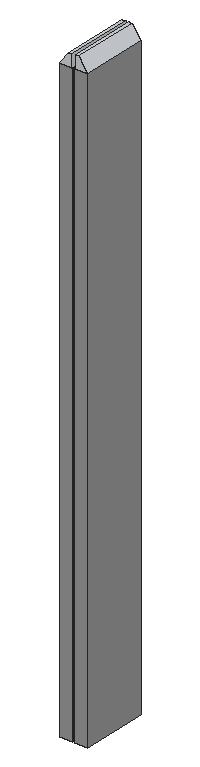
Revit family "Lighting-ArredoUrbano-GEWISS-EXTRO-COLONNA_SINGOLA", category Apparecchi per illuminazione, Revit 2019
Family settings
  Quota connettore circolare = Usa diametro
  Tipo di parte = Normale
  Numero OmniClass = 23.80.00.00
  Titolo OmniClass = Electric Power and Lighting
  Basato su piano di lavoro = Sì
  Sempre verticale = Sì
  Taglio con vuoti quando caricato = No
  Sorgente d'illuminazione = No
  Condiviso = No
  Punto di calcolo locali = Sì
Parameters (values of type "GW82292 - COLONNA EXTRO SING.H.1300 G.GRAF.")
  Versione file RFA = "20.11"
  URL = "https://www.gewiss.com/it/it"
  Tappo colonna = none
  Scheda Tecnica = "https://www.gewiss.com/it/it/search?q=GW82292"
  SIMBOLO [instance] = yes
  SEO = "Colonna"
  Default Elevation = 1219.2 mm
  Produttore = "GEWISS S.p.A."
  Modello = "GW82292"
  Materiale = "Alluminio estruso"
  Lunghezza colonna = 140 mm
  Larghezza colonna = 60 mm
  Interramento consigliato = "250MM"
  Interramento (m) = "0.25"
  Immagine tipo = GW82259.jpg
  IDT = "edb79119-9e68-4dab-b5a6-da154a75fe80"
  IDF = "5ea1d29d-4a77-4272-a550-a0c299649d89"
  Descrizione = "COLONNA EXTRO SINGOLA H.1300 GRIGIO"
  Creato da GEWISS S.p.A. = ""
  Colore = "Grigio grafite"
  Colonna = GEWISS - Grigio Graffite
  Codice Electrocod = "240"
  Codice EAN = "8011564210387"
  Catalogo Serie = "EXTRO"
  Catalogo = "LIGHTING"
  COBie.Tagnumber = ""
  COBie.CreatedOn = ""
  COBie.CreatebBy = ""
  COBie.ComponentRegisterItemID = ""
  COBie.Component.TagNumber = ""
  COBie.Component.Space = ""
  COBie.Component.SerialNumber = ""
  COBie.Component.InstallationDate = ""
  COBie.Component.Description = ""
  COBie.Component.BarCode = ""
  BIDIMENSIONALE [instance] = not(SIMBOLO)  # no
  Altezza colonna = 1300 mm
  Altezza (mm) = "1300"
Reference planes
  plane 1 "Centro (Fronte/Retro)": y = 0
  plane 2: z = 0
  plane 3 "Centro (Sinistra/Destra)": x = 0
  plane 4: x = -30
  plane 5: x = 30
  plane 6: y = 70
  plane 7: y = -70
  plane 8: z = 1300
  plane 9: x = -3
  plane 10: x = 3
  plane 11: z = 1273.462
  plane 12: y = 68
  plane 13: y = -68
Forms (mm)
  Extrusion 1, solid, material "GEWISS - Grigio Graffite" <- "Colonna"
    sketch origin (17.891, 0, 0) x (1, 0, 0) y (0, 1, 0)
      loop
        line (-47.891, 70) -> (-47.891, -70) -> (-20.891, -70) -> (-20.891, 70) -> (-47.891, 70)
      loop
        line (-14.891, -70) -> (12.109, -70) -> (12.109, 70) -> (-14.891, 70) -> (-14.891, -70)
    from 0 to 1273.462
  Extrusion 2, solid, material <- "Tappo colonna"
    sketch origin (17.903, 0, 836.675) x (1, 0, 0) y (0, 0, 1)
      loop
        line (-27.823, 463.325) -> (-47.903, 436.786) -> (-21.134, 436.786) -> (-21.134, 463.325) -> (-27.823, 463.325)
      loop
        line (-14.432, 463.325) -> (-14.432, 436.786) -> (12.106, 436.786) -> (-7.743, 463.325) -> (-14.432, 463.325)
    from -70 to 70
  Extrusion 3, solid, not visible
    sketch origin (0, 0, 0) x (1, 0, 0) y (0, 0, 1)
      loop
        line (-9.932, 463.325) -> (-30.012, 436.786) -> (-3.243, 436.786) -> (-3.243, 463.325) -> (-9.932, 463.325)
      loop
        line (3.459, 463.325) -> (3.459, 436.786) -> (29.997, 436.786) -> (10.148, 463.325) -> (3.459, 463.325)
    from -99.387 to 99.387
  Extrusion 4, solid
    sketch origin (0, 0, 0) x (1, 0, 0) y (0, 1, 0)
      loop
        line (-3, 68) -> (-3, -68) -> (3, -68) -> (3, 68) -> (-3, 68)
    from 0 to 1273.462
Lines and regions (mm)
  Masking region 1, visible <- "BIDIMENSIONALE"
    outline origin (0, 0, 0) x (1, 0, 0) y (0, 1, 0)
      loop
        line (-30, 70) -> (-30, -70) -> (30.009, -70) -> (30.009, 70) -> (-30, 70)
  Masking region 2
    outline origin (0, 0, 0) x (1, 0, 0) y (0, 0, 1)
      loop
        line (-9.92, 1300) -> (-30, 1273.462) -> (-30, 0) -> (30, 0) -> (30, 1273.474) -> (10.16, 1300) -> (3.471, 1300) -> (3.471, 1273.462) -> (-3.231, 1273.462) -> (-3.231, 1300) -> (-9.92, 1300)
  Masking region 3
    outline origin (0, 0, 0) x (0, 1, 0) y (0, 0, 1)
      loop
        line (-70, 0) -> (70, 0) -> (70, 1300) -> (-70, 1300) -> (-70, 0)
  symbolic lines, visible <- "BIDIMENSIONALE"
    curve 1: line (-30, 70, 0) -> (30.009, 70, 0)
    curve 2: line (-30, -70, 0) -> (-30, 70, 0)
    curve 3: line (30.009, -70, 0) -> (-30, -70, 0)
    curve 4: line (30.009, 70, 0) -> (30.009, -70, 0)
    curve 5: line (-9.92, 70, 0) -> (-9.92, -70, 0)
    curve 6: line (10.16, -70, 0) -> (10.16, 70, 0)
    curve 7: line (3, 70, 0) -> (3, -70, 0)
    curve 8: line (-3, 70, 0) -> (-3, -70, 0)
  symbolic lines
    curve 9: line (-3, 0, 0) -> (-3, 0, 1273.462)
    curve 10: line (3, 0, 1273.462) -> (3, 0, 0)
    curve 11: line (0, -68, 0) -> (0, 70, 0)
    curve 12: line (0, -68, 1273.462) -> (0, -68, 0)
    curve 13: line (0, 70, 1273.462) -> (0, -68, 1273.462)
    curve 14: line (0, -68, 1273.462) -> (0, 70, 1273.462)
Dimensions and locks
  equal spacing: plane 4, plane 3 "Centro (Sinistra/Destra)", plane 5
  equal spacing: plane 6, plane 1 "Centro (Fronte/Retro)", plane 7
  "Larghezza colonna": plane 4 to plane 5
  "Lunghezza colonna": plane 6 to plane 7
  "Altezza colonna": plane 8 to level
  locked: plane 8 to plane 11 at 26.538
  locked: plane 13 to plane 7 at 2
  plane 6 to plane 12 = 2 mm
  aligned and locked: level to plane 2
  aligned and locked: Extrusion 1 sketch curve to plane 6
  aligned and locked: plane 4 to Extrusion 1 sketch curve
  aligned and locked: plane 7 to Extrusion 1 sketch curve
  aligned and locked: Extrusion 1 sketch curve to plane 9
  aligned and locked: Extrusion 1 sketch curve to plane 7
  aligned and locked: Extrusion 1 sketch curve to plane 10
  aligned and locked: plane 6 to Extrusion 1 sketch curve
  aligned and locked: plane 5 to Extrusion 1 sketch curve
  aligned and locked: plane 6 to Extrusion 2
  aligned and locked: Extrusion 2 to plane 7
  aligned and locked: plane 8 to Extrusion 2  (x2)
  aligned and locked: plane 11 to Extrusion 2  (x2)
  aligned and locked: Extrusion 1 to plane 11
  aligned and locked: plane 5 to Extrusion 1
  aligned and locked: plane 4 to Extrusion 1
  aligned and locked: Extrusion 4 sketch curve to plane 10
  aligned and locked: plane 9 to Extrusion 4 sketch curve
  aligned and locked: plane 13 to Extrusion 4 sketch curve
  aligned and locked: Extrusion 4 sketch curve to plane 12
  aligned and locked: Extrusion 1 to Extrusion 4
  aligned and locked: curve 1 to Extrusion 2
  aligned and locked: curve 2 to Extrusion 1
  aligned and locked: curve 3 to Extrusion 2
  aligned and locked: curve 4 to Extrusion 2
  aligned and locked: curve 7 to Extrusion 1
  aligned and locked: curve 8 to Extrusion 4
  aligned and locked: curve 9 to Extrusion 1
  aligned and locked: curve 10 to Extrusion 1
  aligned and locked: curve 11 to Extrusion 4
  aligned and locked: curve 12 to Extrusion 4
  aligned and locked: curve 13 to Extrusion 1
  aligned and locked: Extrusion 2 to curve 14
  aligned and locked: plane 1 "Centro (Fronte/Retro)" to nested 1
  aligned and locked: plane 3 "Centro (Sinistra/Destra)" to nested 1
  aligned and locked: Masking region 1 sketch curve to Extrusion 2  (x3)
  aligned and locked: Masking region 1 sketch curve to Extrusion 1
  aligned and locked: Masking region 2 sketch curve to Extrusion 2  (x2)
  aligned and locked: Masking region 2 sketch curve to Extrusion 4
  aligned and locked: Masking region 2 sketch curve to Extrusion 1  (x3)
  aligned and locked: Masking region 3 sketch curve to Extrusion 1  (x2)
  aligned and locked: plane 8 to Masking region 3 sketch curve
  aligned and locked: plane 6 to Masking region 3 sketch curve
Automatic sketch dimensions
  Extrusion 2 sketch curve to Extrusion 2 sketch curve = 0 mm  (x2)
  Extrusion 2 sketch curve to Extrusion 2 sketch curve = 26.538 mm  (x2)
  Extrusion 2 sketch curve to Extrusion 2 sketch curve = 20.08 mm
  Extrusion 2 sketch curve to Extrusion 2 sketch curve = 6.689 mm  (x2)
  Extrusion 2 sketch curve to Extrusion 2 sketch curve = 6.701 mm
  Extrusion 3 sketch curve to Extrusion 3 sketch curve = 0 mm  (x2)
  Extrusion 3 sketch curve to Extrusion 3 sketch curve = 26.538 mm  (x2)
  Extrusion 3 sketch curve to Extrusion 3 sketch curve = 20.08 mm
  Extrusion 3 sketch curve to Extrusion 3 sketch curve = 6.689 mm  (x2)
  Extrusion 3 sketch curve to Extrusion 3 sketch curve = 6.701 mm
  Extrusion 2 sketch curve to plane 11 = 0 mm
  Extrusion 2 sketch curve to plane 4 = 0 mm
  curve 5 to plane 9 = 6.92 mm
  plane 10 to curve 6 = 7.16 mm
  curve 10 to level = 0 mm
  curve 9 to level = 0 mm
  curve 10 to plane 11 = 0 mm
  curve 9 to plane 11 = 0 mm
  Masking region 2 sketch curve to plane 11 = 0 mm
  Masking region 2 sketch curve to plane 9 = 6.92 mm
  Masking region 2 sketch curve to plane 9 = 0.231 mm
  plane 10 to Masking region 2 sketch curve = 0.471 mm
  Masking region 2 sketch curve to Masking region 2 sketch curve = 6.689 mm
  Masking region 2 sketch curve to plane 11 = 0.012 mm
  curve 13 to plane 6 = 0 mm
  curve 14 to plane 6 = 0 mm
  curve 11 to plane 6 = 0 mm
Nested families
  nested 1: "ACCPIASTRA" at (0, 0, 0), visible <- "SIMBOLO", type "ACCPIASTRA"
Definition of nested family "ACCPIASTRA"
  Reference planes
    plane 1 "Centro (Fronte/Retro)": y = 0
    plane 2: z = 0
    plane 3 "Centro (Sinistra/Destra)": x = 0
  Lines and regions (mm)
    detail lines, in view "Livello rif."
      curve 1: line (-85.401, -52.093, 0) -> (85.401, -52.093, 0)
      curve 2: line (85.401, -52.093, 0) -> (85.401, 52.093, 0)
      curve 3: line (85.401, 52.093, 0) -> (-85.401, 52.093, 0)
      curve 4: line (-85.401, 52.093, 0) -> (-85.401, -52.093, 0)
      curve 5: line (-7.115, 89.747, 0) -> (0, 87.807, 0)
      curve 6: line (0, 87.807, 0) -> (7.644, 89.747, 0)
      curve 7: line (7.644, 89.747, 0) -> (13.23, 95.272, 0)
      curve 8: line (13.23, 95.272, 0) -> (15.288, 102.914, 0)
      curve 9: line (15.288, 102.914, 0) -> (13.23, 110.379, 0)
      curve 10: line (13.23, 110.379, 0) -> (7.759, 115.75, 0)
      curve 11: line (7.759, 115.75, 0) -> (0.173, 117.807, 0)
      curve 12: line (0.173, 117.807, 0) -> (-7.177, 115.868, 0)
      curve 13: line (-7.177, 115.868, 0) -> (-12.763, 110.225, 0)
      curve 14: line (-12.763, 110.225, 0) -> (-14.763, 102.877, 0)
      curve 15: line (-14.763, 102.877, 0) -> (-12.648, 95.396, 0)
      curve 16: line (-12.648, 95.396, 0) -> (-7.115, 89.747, 0)
      curve 17: line (0, 87.807, 0) -> (0, 52.093, 0)
      curve 18: line (-49.046, -26.335, 0) -> (48.897, -26.335, 0)
      curve 19: line (-0.075, -26.335, 0) -> (-0.075, 26.335, 0)
      curve 20: line (-24.56, 26.335, 0) -> (24.411, 26.335, 0)
